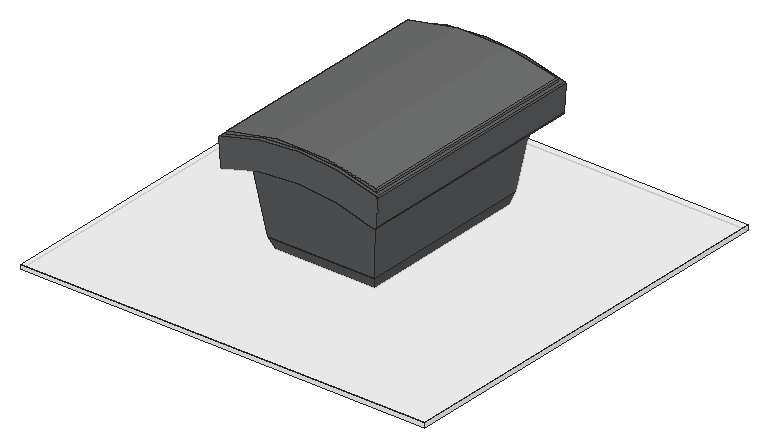
Revit family "BS-1030B", category Communication Devices, host Face, Revit 2016
Family settings
  Host = Face
  Maintain Annotation Orientation = No
  Part Type = Normal
  Round Connector Dimension = Use Diameter
  OmniClass Number = 23.85.10.11.14
  OmniClass Title = Audio Equipment
  Cut with Voids When Loaded = Yes
  Shared = No
  Room Calculation Point = No
Parameters (values of type "BS-1030B")
  Weight = "2.5 kg (speaker only)"
  URL = "http://toa.com.sg"
  Splash-Proof Capability = "IP-X4 (when the angle is specified in vertical or horizontal installation)"
  Sound Pressure Level = "90 dB (1 W, 1 m)"
  Rated Input = "30 W"
  Model Type = "UNIVERSAL SPEAKER"
  Enclosure Type = "2-way bass-reflex system"
  Rated Impedance = "8 Ω High impedance (100 V line): 330 Ω (30 W), 500 Ω (20 W), 670 Ω (15 W), 1 kΩ (10 W), and 2 kΩ (5 W) High impedance (70 V line): 170 Ω (30 W), 250 Ω (20 W), 330 Ω (15 W), 500 Ω (10 W), and 1 kΩ (5 W)"
  Operating Temperature Range = "–10°C to +50°C"
  Model By = "BIMLIFE PTE LTD"  # constant formula
  Model = "BS-1030B"
  Mesh = Black Mesh
  Manufacturer = "TOA Electronics Pte Ltd"  # constant formula
  Supplier Tel = "+65 6835 9119"  # constant formula
  Supplier Fax = "+65 6835 9559"  # constant formula
  Supplier Address = "491B River Valley Road, #19-03/04 Valley Point Office Tower, Singapore 248373"  # constant formula
  Supplier = "TOA Electronics Pte Ltd"  # constant formula
  Suppiler Email = "http://toa.com.sg"  # constant formula
  Material = Black
  Frequency Response = "80 – 20,000 Hz"
  Finish = "Case: ABS resin, black, paint Grille: Pre-coated steel plate, black, paint Bracket: Pre-coated steel plate, black, paint"
  Internal Speakers = "Low frequencies: 12 cm dynamic speaker High frequencies: 2.5 cm dome tweeter"
  Dimension = "196 (w) x 290 (h) x 150 (d) mm"
  Default Elevation = 0 mm
  Copyright To = "TOA Electronics Pte Ltd"  # constant formula
Reference planes
  plane 1 "Center (Front/Back)": y = 0
  plane 2: z = 0
  plane 3 "Center (Left/Right)": x = 0
Forms (mm)
  Extrusion 1, solid, material "Surface"
    sketch origin (1.238, -13.929, 0) x (1, 0, 0) y (0, 1, 0)
      loop
        line (-250, 250) -> (-250, -250) -> (250, -250) -> (250, 250) -> (-250, 250)
    from 0 to -6.497
  Extrusion 2, solid, material "Black" <- "Material"
    sketch origin (-434.898, -145, 448.137) x (1, 0, 0) y (0, 0, -1)
      loop
        arc (336.868, 306.287) -> (337.242, 305.06) -> (338.254, 304.288) r 2
        arc (338.254, 304.288) -> (434.898, 288.294) -> (531.543, 304.288) r 300
        arc (531.543, 304.288) -> (532.554, 305.06) -> (532.929, 306.287) r 2
        line (532.929, 306.287) -> (531.234, 338.621)
        arc (531.234, 338.621) -> (530.331, 340.19) -> (528.529, 340.387) r 2
        arc (528.529, 340.387) -> (434.898, 323.294) -> (341.266, 340.387) r 265
        arc (341.266, 340.387) -> (339.466, 340.19) -> (338.562, 338.621) r 2
        line (338.562, 338.621) -> (336.868, 306.287)
    from 0 to 290
  Blend 3, solid, material "Black" <- "Material"
    base sketch origin (-77.501, -145, 113.257) x (0, -1, 0) y (1, 0, 0)
      loop
        line (-266.785, 0) -> (-23.215, 0) -> (-23.215, 155) -> (-266.785, 155) -> (-266.785, 0)
    top sketch origin (-77.501, -145, 113.257) x (0, -1, 0) y (1, 0, 0)
      loop
        line (-253.807, 10.914) -> (-36.165, 10.914) -> (-36.165, 143.517) -> (-253.807, 143.517) -> (-253.807, 10.914)
    from 0 to -86.4
  Blend 4, solid, material "Black" <- "Material"
    base sketch origin (-77.501, -145, 26.857) x (1, 0, 0) y (0, 1, 0)
      loop
        line (143.517, 36.165) -> (143.517, 253.807) -> (10.914, 253.807) -> (10.914, 36.165) -> (143.517, 36.165)
    top sketch origin (-77.501, -145, 26.857) x (0, -1, 0) y (1, 0, 0)
      loop
        line (-41.165, 15.914) -> (-41.165, 138.517) -> (-248.807, 138.517) -> (-248.807, 15.914) -> (-41.165, 15.914)
    from 0 to -14
  Extrusion 5, solid, material "Black" <- "Material"
    sketch origin (-433.661, -145, 462.066) x (1, 0, 0) y (0, 0, -1)
      loop
        arc (356.161, 348.809) -> (433.661, 337.223) -> (511.161, 348.809) r 265
        line (511.161, 348.809) -> (356.161, 348.809)
    from 23.215 to 266.785
  Extrusion 6, solid, material "Black Mesh" <- "Mesh"
    sketch origin (-434.898, -145, 456.691) x (1, 0, 0) y (0, 0, -1)
      loop
        arc (343.097, 308.089) -> (434.898, 293.848) -> (526.7, 308.089) r 303
        arc (526.7, 308.089) -> (527.709, 308.815) -> (528.094, 309.995) r 2
        line (528.094, 309.995) -> (528.094, 311.691)
        arc (528.094, 311.691) -> (434.898, 296.848) -> (341.702, 311.691) r 300
        line (341.702, 311.691) -> (341.702, 309.995)
        arc (341.702, 309.995) -> (342.088, 308.815) -> (343.097, 308.089) r 2
    from 5 to 285
  Extrusion 7, solid, material "Black" <- "Material", not visible
    sketch origin (0, 0, -21.96) x (1, 0, 0) y (0, 1, 0)
      loop
        arc (336.868, 306.287) -> (337.242, 305.06) -> (338.254, 304.288) r 2
        arc (338.254, 304.288) -> (434.898, 288.294) -> (531.543, 304.288) r 300
        arc (531.543, 304.288) -> (532.554, 305.06) -> (532.929, 306.287) r 2
        line (532.929, 306.287) -> (531.234, 338.621)
        arc (531.234, 338.621) -> (530.331, 340.19) -> (528.529, 340.387) r 2
        arc (528.529, 340.387) -> (434.898, 323.294) -> (341.266, 340.387) r 265
        arc (341.266, 340.387) -> (339.466, 340.19) -> (338.562, 338.621) r 2
        line (338.562, 338.621) -> (336.868, 306.287)
    from 0 to 290
  Blend 8, solid, material "Black" <- "Material", not visible
    base sketch origin (357.398, 334.88, -21.96) x (1, 0, 0) y (0, 0, -1)
      loop
        line (0, -266.785) -> (155, -266.785) -> (155, -23.215) -> (0, -23.215) -> (0, -266.785)
    top sketch origin (357.398, 334.88, -21.96) x (1, 0, 0) y (0, 0, -1)
      loop
        line (10.914, -253.807) -> (143.517, -253.807) -> (143.517, -36.165) -> (10.914, -36.165) -> (10.914, -253.807)
    from 0 to -86.4
  Blend 9, solid, material "Black" <- "Material", not visible
    base sketch origin (357.398, 248.48, -21.96) x (-1, 0, 0) y (0, 0, -1)
      loop
        line (36.165, 143.517) -> (36.165, 10.914) -> (253.807, 10.914) -> (253.807, 143.517) -> (36.165, 143.517)
    top sketch origin (357.398, 248.48, -21.96) x (1, 0, 0) y (0, 0, -1)
      loop
        line (-41.165, 15.914) -> (-41.165, 138.517) -> (-248.807, 138.517) -> (-248.807, 15.914) -> (-41.165, 15.914)
    from 0 to -14
  Extrusion 10, solid, material "Black" <- "Material", not visible
    sketch origin (1.238, -13.929, -21.96) x (1, 0, 0) y (0, 1, 0)
      loop
        arc (356.161, 348.809) -> (433.661, 337.223) -> (511.161, 348.809) r 265
        line (511.161, 348.809) -> (356.161, 348.809)
    from 23.215 to 266.785
  Extrusion 11, solid, material "Black Mesh" <- "Mesh", not visible
    sketch origin (0, -8.553, -21.96) x (1, 0, 0) y (0, 1, 0)
      loop
        arc (343.097, 308.089) -> (434.898, 293.848) -> (526.7, 308.089) r 303
        arc (526.7, 308.089) -> (527.709, 308.815) -> (528.094, 309.995) r 2
        line (528.094, 309.995) -> (528.094, 311.691)
        arc (528.094, 311.691) -> (434.898, 296.848) -> (341.702, 311.691) r 300
        line (341.702, 311.691) -> (341.702, 309.995)
        arc (341.702, 309.995) -> (342.088, 308.815) -> (343.097, 308.089) r 2
    from 5 to 285
Cuts and joins
  joined: Blend 3, Extrusion 5
Dimensions and locks
  aligned and locked: plane 2 to Extrusion 1
  aligned and locked: level to Extrusion 1
